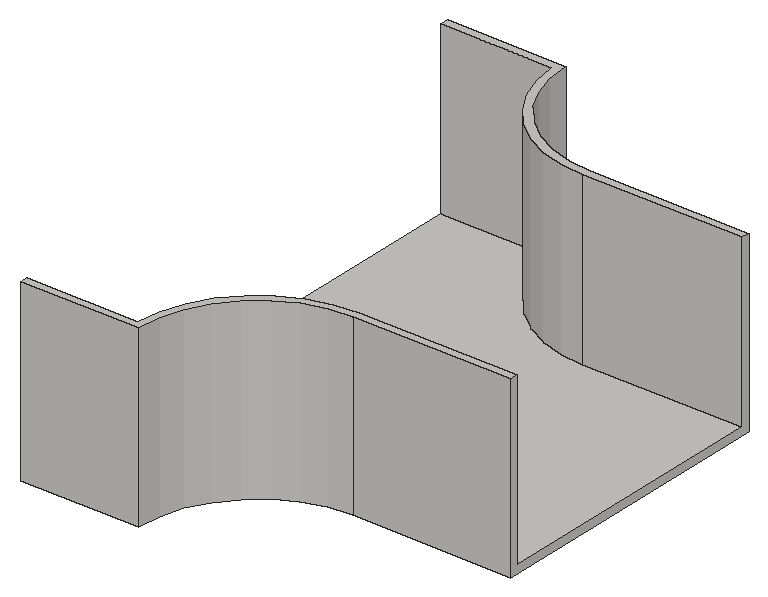
Revit family "S4R_OBO BETTERMANN_CableTray_SaddlePiece_RAAM FT", category Cable Tray Fittings, Revit 2012
Parameters
  Wholesaler art.no. = ""
  Wholesaler = ""
  Watermarked By = "www.stabiplan.com"
  WIDTH2 [instance] = WIDTH1 + 80 mm  # 180 mm
  WIDTH1 [instance] = 100 mm
  VERSION = "91800"  # constant formula
  URL = "www.stabiplan.com"
  built-in parameter 1140111 [instance] = 2.6 mm
  TYPE [instance] = "RAAM FT"  # constant formula
  StabiCAD_PM = ""
  Radius [instance] = 50 mm  # constant formula
  PRODUCTLINE [instance] = "OBO BETTERMANN CableTrays"  # constant formula
  Model = ""
  Manufacturer = "OBO BETTERMANN"  # constant formula
  LENGTH1 [instance] = if(and(WIDTH1 = 100 mm, HEIGHT1 = 60 mm, ANGLE2 = 90.00°), 133.5 mm, if(and(WIDTH1 = 150 mm, HEIGHT1 = 60 mm, ANGLE2 = 90.00°), 133.5 mm, if(and(WIDTH1 = 200 mm, HEIGHT1 = 60 mm, ANGLE2 = 90.00°), 133.5 mm, if(and(WIDTH1 = 300 mm, HEIGHT1 = 60 mm, ANGLE2 = 90.00°), 133.5 mm, if(and(WIDTH1 = 400 mm, HEIGHT1 = 60 mm, ANGLE2 = 90.00°), 133.5 mm, if(and(WIDTH1 = 500 mm, HEIGHT1 = 60 mm, ANGLE2 = 90.00°), 133.5 mm, if(and(WIDTH1 = 600 mm, HEIGHT1 = 60 mm, ANGLE2 = 90.00°), 133.5 mm, if(and(WIDTH1 = 100 mm, HEIGHT1 = 85 mm, ANGLE2 = 90.00°), 133.5 mm, if(and(WIDTH1 = 150 mm, HEIGHT1 = 85 mm, ANGLE2 = 90.00°), 133.5 mm, if(and(WIDTH1 = 200 mm, HEIGHT1 = 85 mm, ANGLE2 = 90.00°), 133.5 mm, if(and(WIDTH1 = 300 mm, HEIGHT1 = 85 mm, ANGLE2 = 90.00°), 133.5 mm, if(and(WIDTH1 = 400 mm, HEIGHT1 = 85 mm, ANGLE2 = 90.00°), 133.5 mm, if(and(WIDTH1 = 500 mm, HEIGHT1 = 85 mm, ANGLE2 = 90.00°), 133.5 mm, if(and(WIDTH1 = 600 mm, HEIGHT1 = 85 mm, ANGLE2 = 90.00°), 133.5 mm, if(and(WIDTH1 = 100 mm, HEIGHT1 = 110 mm, ANGLE2 = 90.00°), 133.5 mm, if(and(WIDTH1 = 150 mm, HEIGHT1 = 110 mm, ANGLE2 = 90.00°), 133.5 mm, if(and(WIDTH1 = 200 mm, HEIGHT1 = 110 mm, ANGLE2 = 90.00°), 133.5 mm, if(and(WIDTH1 = 300 mm, HEIGHT1 = 110 mm, ANGLE2 = 90.00°), 133.5 mm, if(and(WIDTH1 = 400 mm, HEIGHT1 = 110 mm, ANGLE2 = 90.00°), 133.5 mm, if(and(WIDTH1 = 500 mm, HEIGHT1 = 110 mm, ANGLE2 = 90.00°), 133.5 mm, if(and(WIDTH1 = 600 mm, HEIGHT1 = 110 mm, ANGLE2 = 90.00°), 133.5 mm, 133.5 mm)))))))))))))))))))))  # 133.5 mm
  Internal art.no. = ""
  ISCUSTOM [instance] = if(and(WIDTH1 = 100 mm, HEIGHT1 = 60 mm, ANGLE2 = 90.00°), 1 = 0, if(and(WIDTH1 = 150 mm, HEIGHT1 = 60 mm, ANGLE2 = 90.00°), 1 = 0, if(and(WIDTH1 = 200 mm, HEIGHT1 = 60 mm, ANGLE2 = 90.00°), 1 = 0, if(and(WIDTH1 = 300 mm, HEIGHT1 = 60 mm, ANGLE2 = 90.00°), 1 = 0, if(and(WIDTH1 = 400 mm, HEIGHT1 = 60 mm, ANGLE2 = 90.00°), 1 = 0, if(and(WIDTH1 = 500 mm, HEIGHT1 = 60 mm, ANGLE2 = 90.00°), 1 = 0, if(and(WIDTH1 = 600 mm, HEIGHT1 = 60 mm, ANGLE2 = 90.00°), 1 = 0, if(and(WIDTH1 = 100 mm, HEIGHT1 = 85 mm, ANGLE2 = 90.00°), 1 = 0, if(and(WIDTH1 = 150 mm, HEIGHT1 = 85 mm, ANGLE2 = 90.00°), 1 = 0, if(and(WIDTH1 = 200 mm, HEIGHT1 = 85 mm, ANGLE2 = 90.00°), 1 = 0, if(and(WIDTH1 = 300 mm, HEIGHT1 = 85 mm, ANGLE2 = 90.00°), 1 = 0, if(and(WIDTH1 = 400 mm, HEIGHT1 = 85 mm, ANGLE2 = 90.00°), 1 = 0, if(and(WIDTH1 = 500 mm, HEIGHT1 = 85 mm, ANGLE2 = 90.00°), 1 = 0, if(and(WIDTH1 = 600 mm, HEIGHT1 = 85 mm, ANGLE2 = 90.00°), 1 = 0, if(and(WIDTH1 = 100 mm, HEIGHT1 = 110 mm, ANGLE2 = 90.00°), 1 = 0, if(and(WIDTH1 = 150 mm, HEIGHT1 = 110 mm, ANGLE2 = 90.00°), 1 = 0, if(and(WIDTH1 = 200 mm, HEIGHT1 = 110 mm, ANGLE2 = 90.00°), 1 = 0, if(and(WIDTH1 = 300 mm, HEIGHT1 = 110 mm, ANGLE2 = 90.00°), 1 = 0, if(and(WIDTH1 = 400 mm, HEIGHT1 = 110 mm, ANGLE2 = 90.00°), 1 = 0, if(and(WIDTH1 = 500 mm, HEIGHT1 = 110 mm, ANGLE2 = 90.00°), 1 = 0, if(and(WIDTH1 = 600 mm, HEIGHT1 = 110 mm, ANGLE2 = 90.00°), 1 = 0, 1 = 1)))))))))))))))))))))  # no
  IFCExportType = ""
  IFCExportAs = ""
  HEIGHT1 [instance] = 60 mm
  GTINNUMBER [instance] = if(and(WIDTH1 = 100 mm, HEIGHT1 = 60 mm, ANGLE2 = 90.00°), "4012195878698", if(and(WIDTH1 = 150 mm, HEIGHT1 = 60 mm, ANGLE2 = 90.00°), "4012195878704", if(and(WIDTH1 = 200 mm, HEIGHT1 = 60 mm, ANGLE2 = 90.00°), "4012195878742", if(and(WIDTH1 = 300 mm, HEIGHT1 = 60 mm, ANGLE2 = 90.00°), "4012195878759", if(and(WIDTH1 = 400 mm, HEIGHT1 = 60 mm, ANGLE2 = 90.00°), "4012195878766", if(and(WIDTH1 = 500 mm, HEIGHT1 = 60 mm, ANGLE2 = 90.00°), "4012195878773", if(and(WIDTH1 = 600 mm, HEIGHT1 = 60 mm, ANGLE2 = 90.00°), "4012195878780", if(and(WIDTH1 = 100 mm, HEIGHT1 = 85 mm, ANGLE2 = 90.00°), "4012195880912", if(and(WIDTH1 = 150 mm, HEIGHT1 = 85 mm, ANGLE2 = 90.00°), "4012195895893", if(and(WIDTH1 = 200 mm, HEIGHT1 = 85 mm, ANGLE2 = 90.00°), "4012195880929", if(and(WIDTH1 = 300 mm, HEIGHT1 = 85 mm, ANGLE2 = 90.00°), "4012195880967", if(and(WIDTH1 = 400 mm, HEIGHT1 = 85 mm, ANGLE2 = 90.00°), "4012195880974", if(and(WIDTH1 = 500 mm, HEIGHT1 = 85 mm, ANGLE2 = 90.00°), "4012195880981", if(and(WIDTH1 = 600 mm, HEIGHT1 = 85 mm, ANGLE2 = 90.00°), "4012195881025", if(and(WIDTH1 = 100 mm, HEIGHT1 = 110 mm, ANGLE2 = 90.00°), "4012195882091", if(and(WIDTH1 = 150 mm, HEIGHT1 = 110 mm, ANGLE2 = 90.00°), "4012195896074", if(and(WIDTH1 = 200 mm, HEIGHT1 = 110 mm, ANGLE2 = 90.00°), "4012195882107", if(and(WIDTH1 = 300 mm, HEIGHT1 = 110 mm, ANGLE2 = 90.00°), "4012195882114", if(and(WIDTH1 = 400 mm, HEIGHT1 = 110 mm, ANGLE2 = 90.00°), "4012195882121", if(and(WIDTH1 = 500 mm, HEIGHT1 = 110 mm, ANGLE2 = 90.00°), "4012195882152", if(and(WIDTH1 = 600 mm, HEIGHT1 = 110 mm, ANGLE2 = 90.00°), "4012195882169", "Unknown")))))))))))))))))))))  # "4012195878698"
  ETIM article class = ""
  Description = "Horizontal CableTray Saddle Piece"
  DEEPLINK = "http://catalog1.obo-bettermann.com/catalogue/catalogue.do?forward=showProductGroup&act=showIO&favOid=kts_399338&action=showManyProducts&lang=de&OID=kts_399338&catId="
  Copyright = "© Stabiplan BV / Stabiplan International BV"  # constant formula
  CT2 [instance] = 1
  CT1 [instance] = 1
  BodyColor = Steel
  ARTICLENUMBER [instance] = if(and(WIDTH1 = 100 mm, HEIGHT1 = 60 mm, ANGLE2 = 90.00°), "6041250", if(and(WIDTH1 = 150 mm, HEIGHT1 = 60 mm, ANGLE2 = 90.00°), "6041252", if(and(WIDTH1 = 200 mm, HEIGHT1 = 60 mm, ANGLE2 = 90.00°), "6041254", if(and(WIDTH1 = 300 mm, HEIGHT1 = 60 mm, ANGLE2 = 90.00°), "6041257", if(and(WIDTH1 = 400 mm, HEIGHT1 = 60 mm, ANGLE2 = 90.00°), "6041259", if(and(WIDTH1 = 500 mm, HEIGHT1 = 60 mm, ANGLE2 = 90.00°), "6041261", if(and(WIDTH1 = 600 mm, HEIGHT1 = 60 mm, ANGLE2 = 90.00°), "6041263", if(and(WIDTH1 = 100 mm, HEIGHT1 = 85 mm, ANGLE2 = 90.00°), "6041590", if(and(WIDTH1 = 150 mm, HEIGHT1 = 85 mm, ANGLE2 = 90.00°), "6041591", if(and(WIDTH1 = 200 mm, HEIGHT1 = 85 mm, ANGLE2 = 90.00°), "6041592", if(and(WIDTH1 = 300 mm, HEIGHT1 = 85 mm, ANGLE2 = 90.00°), "6041594", if(and(WIDTH1 = 400 mm, HEIGHT1 = 85 mm, ANGLE2 = 90.00°), "6041596", if(and(WIDTH1 = 500 mm, HEIGHT1 = 85 mm, ANGLE2 = 90.00°), "6041598", if(and(WIDTH1 = 600 mm, HEIGHT1 = 85 mm, ANGLE2 = 90.00°), "6041600", if(and(WIDTH1 = 100 mm, HEIGHT1 = 110 mm, ANGLE2 = 90.00°), "6041940", if(and(WIDTH1 = 150 mm, HEIGHT1 = 110 mm, ANGLE2 = 90.00°), "6041941", if(and(WIDTH1 = 200 mm, HEIGHT1 = 110 mm, ANGLE2 = 90.00°), "6041942", if(and(WIDTH1 = 300 mm, HEIGHT1 = 110 mm, ANGLE2 = 90.00°), "6041944", if(and(WIDTH1 = 400 mm, HEIGHT1 = 110 mm, ANGLE2 = 90.00°), "6041946", if(and(WIDTH1 = 500 mm, HEIGHT1 = 110 mm, ANGLE2 = 90.00°), "6041948", if(and(WIDTH1 = 600 mm, HEIGHT1 = 110 mm, ANGLE2 = 90.00°), "6041950", "Unknown")))))))))))))))))))))  # "6041250"
  ARTICLEDESCRIPTION [instance] = "Horizontal CableTray Saddle Piece"
  ANGLE2 = 90.00°  # constant formula
Reference planes
  plane 1 "Center (Front/Back)": y = 0
  plane 2: z = 0
  plane 3 "Center (Left/Right)": x = 0
  plane 4: y = 50
  plane 5: y = -50
  plane 6: y = 90
  plane 7: y = -90
  plane 8: z = 30
  plane 9: z = -30
  plane 10: x = 133.5
  plane 11: x = 40
  plane 12: z = 27.5
  plane 13: z = -27.4
Forms (mm)
  Extrusion 1, solid, material "Steel", detail levels fine
    sketch origin (0, 0, 0) x (1, 0, 0) y (0, 1, 0)
      loop
        arc (80, 50) -> (51.716, 61.716) -> (40, 90) r 40
        line (40, 90) -> (0, 90) -> (0, -90) -> (40, -90)
        arc (40, -90) -> (51.716, -61.716) -> (80, -50) r 40
        line (80, -50) -> (133.5, -50) -> (133.5, 50) -> (80, 50)
    from -30 to 30
  Extrusion 2, solid, material "Steel", detail levels medium
    sketch origin (0, 0, 0) x (1, 0, 0) y (0, 1, 0)
      loop
        line (40, 90) -> (0, 90) -> (0, -90) -> (40, -90)
        arc (40, -90) -> (51.716, -61.716) -> (80, -50) r 40
        line (80, -50) -> (133.5, -50) -> (133.5, 50) -> (80, 50)
        arc (80, 50) -> (51.716, 61.716) -> (40, 90) r 40
    from -30 to 30
  Extrusion 3, void
    sketch origin (0, 0, 0) x (1, 0, 0) y (0, 1, 0)
      loop
        line (133.5, -47.4) -> (133.5, 47.4) -> (79.921, 47.4)
        arc (79.921, 47.4) -> (50.732, 58.972) -> (37.4, 87.4) r 42.6
        line (37.4, 87.4) -> (0, 87.4) -> (0, -87.4) -> (37.4, -87.4)
        arc (37.4, -87.4) -> (50.732, -58.972) -> (79.921, -47.4) r 42.6
        line (79.921, -47.4) -> (133.5, -47.4)
    from -27.4 to 30
Cuts and joins
  Extrusion 3 cuts Extrusion 1
Lines and regions (mm)
  model lines, style "Coarse", detail levels coarse
    curve 1: line (0, 0, 0) -> (133.5, 0, 0)
Dimensions and locks
  equal spacing: plane 4, plane 1 "Center (Front/Back)", plane 5
  "WIDTH1": plane 4 to plane 5
  equal spacing: plane 6, plane 1 "Center (Front/Back)", plane 7
  equal spacing: plane 8, level, plane 9
  "HEIGHT1": plane 8 to plane 9
  "LENGTH1": plane 3 "Center (Left/Right)" to plane 10
  "WIDTH2": plane 6 to plane 7
  "LENGTH1": curve 1 to curve 1
  plane 3 "Center (Left/Right)" to Extrusion 2 = 133.5 mm
  locked: plane 3 "Center (Left/Right)" to plane 11 at 40
  "built-in parameter 1140111": plane 6 to Extrusion 3 sketch curve
  "built-in parameter 1140111": Extrusion 3 sketch curve to plane 11  (x2)
  "built-in parameter 1140111": Extrusion 3 sketch curve to plane 7
  "built-in parameter 1140111": Extrusion 3 sketch curve to plane 5
  "built-in parameter 1140111": plane 4 to Extrusion 3 sketch curve
  "built-in parameter 1140111": plane 13 to plane 9
  radius of Extrusion 2 sketch curve = 40 mm  (x2)
  aligned and locked: level to plane 2
  aligned and locked: Extrusion 1 to plane 9
  aligned and locked: plane 8 to Extrusion 1
  aligned and locked: plane 1 "Center (Front/Back)" to curve 1
  aligned and locked: Extrusion 2 to plane 9
  aligned and locked: plane 8 to Extrusion 2
  aligned and locked: plane 11 to Extrusion 2 sketch curve  (x2)
  aligned and locked: plane 4 to Extrusion 2 sketch curve
  aligned and locked: plane 5 to Extrusion 2 sketch curve
  aligned and locked: plane 10 to Extrusion 2 sketch curve
  aligned and locked: Extrusion 3 sketch curve to plane 3 "Center (Left/Right)"
  aligned and locked: plane 10 to Extrusion 3 sketch curve
  aligned and locked: Extrusion 3 to plane 13
  aligned and locked: Extrusion 3 to Extrusion 1
  aligned and locked: plane 6 to Extrusion 2 sketch curve
  aligned and locked: Extrusion 2 sketch curve to plane 7
Automatic sketch dimensions
  Extrusion 1 sketch curve to plane 3 "Center (Left/Right)" = 0 mm
  Extrusion 1 sketch curve to plane 7 = 0 mm
  Extrusion 1 sketch curve to plane 11 = 0 mm  (x2)
  Extrusion 1 sketch curve to plane 6 = 0 mm
  Extrusion 1 sketch curve to plane 4 = 0 mm
  Extrusion 1 sketch curve to plane 5 = 0 mm
  Extrusion 1 sketch curve to plane 10 = 0 mm
  Extrusion 2 sketch curve to plane 3 "Center (Left/Right)" = 0 mm
  Extrusion 3 sketch curve to plane 7 = 0 mm
  Extrusion 3 sketch curve to plane 6 = 0 mm
  curve 1 to plane 3 "Center (Left/Right)" = 0 mm
Connectors
  cabletrayconduit at (133.5, 0, 0), driven by "HEIGHT1", driven by "WIDTH1"
    settings: on Extrusion 2, index 1, connector width 100 mm, connector height 60 mm, connector radius 300 mm, connector angle 180.00°, system type 32, placement type 0, profile type 1, connector reference index -1, is primary connector yes, connector utility param no, connector description ""
